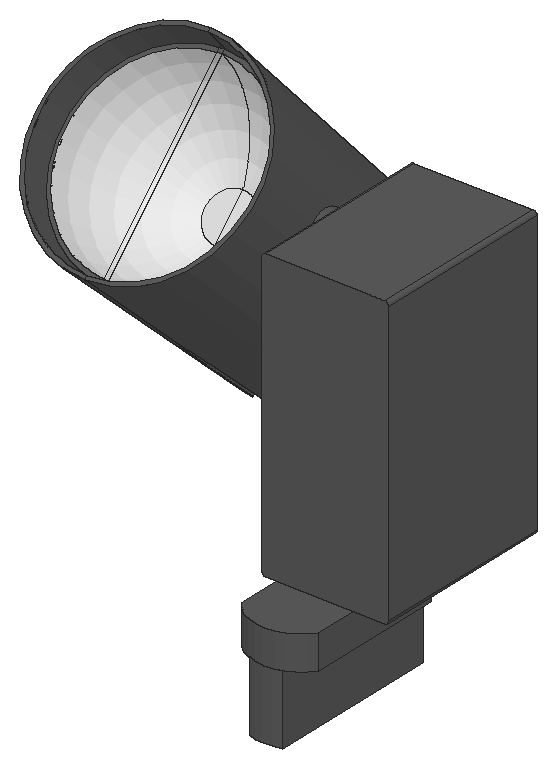
Revit family "0004839 Feilo Sylvania Lighting Fixture START TRACK SPOT S 24W 3K RA80 MB BLACK", category Lighting Fixtures, host Face, Revit 2017 (continued)
Definition of nested family "Start Track Spot Head"
  Types (96, lengths in mm): name | Wattage | built-in parameter 1150134 | Photometric Web File | Model | built-in parameter 1150105 | Lumens | built-in parameter 1150107 | built-in parameter 1150106 | HeadThickness_FEILO | HeadRibOffset_FEILO | HeadRibDepth_FEILO | HeadRibCutWidth_FEILO | HeadRibCutOffset_FEILO | HeadReflectorRadius_FEILO | HeadReflectorOffset_FEILO | HeadLEDRadius_FEILO | HeadHeight_FEILO | HeadDiffusorOffset_FEILO | HeadDiaOut_FEILO | HeadDiaIn_FEILO | HeadAxisFromTop_FEILO | Emit from Circle Diameter | built-in parameter 1150104 | Description | Apparent Load
    0004812 START TRACK SPOT S 14W 3K RA80 MB WHITE | 14 W | (empty or 0) | "0004812.ies" | "START TRACK SPOT S 14W 3K RA80 MB WHITE" | 120.32 (stored number, unit not read) | 1512 lm | 3000 (stored number, unit not read) | 1.2032 (stored number, unit not read) | 1.5 | 4.179 | 55.714 | 7.167 | 50.87 | 50.588 | 55.714 | 9.556 | 117 | 9.435 | 86 | 77.477 | 69.354 | 77.477 | 10.034 (stored number, unit not read) | "Integrated LED spotlight, Textured White - RAL9016, compact and minimalist design, ideal for retail applications, die-cast aluminium body, passive cooling heatsink. Beam angle: 36°, color temperature: 3000K , total system power: 14W, total fixture output: 1508 lm, LOR: 100%, colour rendering: Ra: 80 typical, LED Chromaticity: 3 step MacAdam ellipse, lifetime: >50000 hours at L70B50, energy class: A++, A+, A, IR/UV free light source without heat radiation, operating voltage: 220-240V / 50-60Hz, drive current: 350mA, electronic driver, non-dimmable, power factor: 0.92, electrical protection: Class II, Global Track 3 Phase adapter suitable for Global trac 3-circuit tracks, ingress protection rating: IP20, suitable for internal environment only, horizontal rotation: 355°, vertical tilt: 90°, dimensions: Ø86x140x200, weight: 0.940kg." | 14 VA
    0004811 START TRACK SPOT S 14W 3K RA80 NB WHITE | 14 W | (empty or 0) | "0004811.ies" | "START TRACK SPOT S 14W 3K RA80 NB WHITE" | 123.66 (stored number, unit not read) | 1554 lm | 3000 (stored number, unit not read) | 1.2366 (stored number, unit not read) | 1.5 | 4.179 | 55.714 | 7.167 | 50.87 | 50.588 | 55.714 | 9.556 | 117 | 9.435 | 86 | 77.477 | 69.354 | 77.477 | 10.312 (stored number, unit not read) | "Integrated LED spotlight, Textured White - RAL9016, compact and minimalist design, ideal for retail applications, die-cast aluminium body, passive cooling heatsink. Beam angle: 12°, color temperature: 3000K , total system power: 14W, total fixture output: 1551 lm, LOR: 100%, colour rendering: Ra: 80 typical, LED Chromaticity: 3 step MacAdam ellipse, lifetime: >50000 hours at L70B50, energy class: A++, A+, A, IR/UV free light source without heat radiation, operating voltage: 220-240V / 50-60Hz, drive current: 350mA, electronic driver, non-dimmable, power factor: 0.92, electrical protection: Class II, Global Track 3 Phase adapter suitable for Global trac 3-circuit tracks, ingress protection rating: IP20, suitable for internal environment only, horizontal rotation: 355°, vertical tilt: 90°, dimensions: Ø86x140x200, weight: 0.940kg." | 14 VA
  Reference planes
    plane 1 "Center (Front/Back)": y = 0
    plane 2: z = 0
    plane 3 "Center (Left/Right)": x = 0
    plane 4: x = 43
    plane 5: x = -43
    plane 6: x = -38.739
    plane 7: x = 38.739
    plane 8: z = 69.354
    plane 9: z = -47.646
    plane 10: x = -41.5
    plane 11: x = -37.239
    plane 12: z = -38.211
    plane 13: z = -35.211
    plane 14: z = 8.068
    plane 15: x = -9.556
    plane 16: x = -28.667
    plane 17: x = -19.111
    plane 18: x = -27.167
    plane 19: x = -17.611
    plane 20: x = -8.056
    plane 21: z = 13.64
    plane 22: x = -29.667
    plane 23: x = -26.167
    plane 24: x = -20.111
    plane 25: x = -16.611
    plane 26: x = -10.556
    plane 27: x = -7.056
    plane 28: x = -36.239
    plane 29: x = -40.5
    plane 30: z = 65.175
    plane 31: z = 60.997
    plane 32: z = 56.818
    plane 33: z = 18.484
    plane 34: y = -43
    plane 35: y = 43
    plane 36: y = 3.583
    plane 37: y = -3.583
    plane 38: y = -2.583
    plane 39: y = 2.583
    plane 40: y = 46
    plane 41: z = 13.5
    plane 42: z = -13.5
    plane 43: y = 39
    plane 44: x = 4.708
    plane 45: x = -2.458
    plane 46: x = -1.458
    plane 47: x = 1.458
  Forms (mm)
    Extrusion 1, solid
      sketch origin (4.2, 0, 0) x (1, 0, 0) y (0, 1, 0)
        loop
          line (-1219.2, 1219.2) -> (-1219.2, -1219.2) -> (1219.2, -1219.2) -> (1219.2, 1219.2) -> (-1219.2, 1219.2)
      from 0 to -68.017
    Revolve 2, solid, material <- "Material_1_FEILO", detail levels medium+fine
      sketch origin (0, 0, 0) x (1, 0, 0) y (0, 0, 1)
        loop
          line (-43, -47.646) -> (-41.5, -47.646) -> (-40.5, -35.211) -> (-38.739, -35.211)
          arc (-38.739, -35.211) -> (-30.16, -9.517) -> (-9.556, 8.068) r 50.588
          line (-9.556, 8.068) -> (0, 8.068) -> (0, 13.64) -> (-16.611, 13.64) -> (-17.611, 60.997) -> (-19.111, 60.997) -> (-20.111, 13.64) -> (-36.239, 13.64) -> (-37.239, 69.354) -> (-38.739, 69.354) -> (-43, -47.646)
        axis (0, 69.354) -> (0, -47.646)
      angle from 360 to 0
    Extrusion 3, void
      sketch origin (0, 0, 0) x (0, 1, 0) y (0, 0, 1)
        loop
          line (-3.583, 69.354) -> (-2.583, 18.484) -> (1.932, 18.484) -> (2.932, 69.354) -> (-3.583, 69.354)
      from 43 to -43
    Revolve 4, solid, material <- "Material_2_FEILO", detail levels medium+fine
      sketch origin (0, 0, 0) x (1, 0, 0) y (0, 0, 1)
        loop
          line (-41.5, -38.211) -> (0, -38.211) -> (0, -35.211) -> (-41.5, -35.211) -> (-41.5, -38.211)
        axis (0, -35.211) -> (0, -38.211)
      angle from 360 to 0
    Revolve 5, solid, material <- "Material_1_FEILO"
      sketch origin (0, 0, 0) x (0, 1, 0) y (0, 0, 1)
        loop
          line (46, 0) -> (39, 0) -> (39, -13.5) -> (46, -13.5) -> (46, 0)
        axis (39, 0) -> (46, 0)
      angle from 360 to 0
    Revolve 6, solid, material <- "Material_1_FEILO", detail levels medium+fine
      sketch origin (0, 0, 0) x (1, 0, 0) y (0, 0, 1)
        loop
          line (-29.667, 13.64) -> (-26.167, 13.64) -> (-27.167, 65.175) -> (-28.667, 65.175) -> (-29.667, 13.64)
        loop
          line (-10.556, 13.64) -> (-7.056, 13.64) -> (-7.833, 56.818) -> (-9.778, 56.818) -> (-10.556, 13.64)
        axis (0, 65.175) -> (0, 13.64)
      angle from 360 to 0
    Extrusion 7, void
      sketch origin (0, 0, 0) x (1, 0, 0) y (0, 0, 1)
        loop
          line (4.708, 69.354) -> (-2.458, 69.354) -> (-1.458, 13.64) -> (1.458, 13.64) -> (4.708, 69.354)
      from -43 to 43
    Revolve 8, solid, material <- "Material_1_FEILO", detail levels coarse
      sketch origin (0, 0, 0) x (1, 0, 0) y (0, 0, 1)
        loop
          line (0, 69.354) -> (-38.739, 69.354) -> (-43, -47.646) -> (-41.5, -47.646) -> (-40.731, -38.211) -> (0, -38.211) -> (0, 69.354)
        axis (0, 69.354) -> (0, -47.646)
      angle from 360 to 0
  Cuts and joins
    Extrusion 3 cuts Revolve 2
    Extrusion 7 cuts Revolve 6
  Dimensions and locks
    equal spacing: plane 7, plane 3 "Center (Left/Right)", plane 6
    equal spacing: plane 4, plane 3 "Center (Left/Right)", plane 5
    "HeadDiaOut_FEILO": plane 4 to plane 5
    "HeadDiaIn_FEILO": plane 7 to plane 6
    "HeadHeight_FEILO": plane 8 to plane 9
    "HeadThickness_FEILO": plane 10 to plane 5
    "HeadThickness_FEILO": plane 11 to plane 6
    "HeadDiffusorOffset_FEILO": plane 12 to plane 9
    "HeadDiffusorThickness_FEILO": plane 13 to plane 12
    "HeadReflectorOffset_FEILO": plane 14 to plane 9
    "HeadLEDRadius_FEILO": plane 3 "Center (Left/Right)" to plane 15
    "HeadLEDRadius_FEILO": plane 15 to plane 17
    "HeadLEDRadius_FEILO": plane 17 to plane 16
    "HeadThickness_FEILO": plane 18 to plane 16
    "HeadThickness_FEILO": plane 19 to plane 17
    "HeadThickness_FEILO": plane 20 to plane 15
    "HeadRibDepth_FEILO": plane 8 to plane 21
    "HeadDraft_FEILO": plane 16 to plane 22
    "HeadDraft_FEILO": plane 23 to plane 18
    "HeadDraft_FEILO": plane 17 to plane 24
    "HeadDraft_FEILO": plane 25 to plane 19
    "HeadDraft_FEILO": plane 15 to plane 26
    "HeadDraft_FEILO": plane 27 to plane 20
    "HeadDraft_FEILO": plane 29 to plane 10
    "HeadDraft_FEILO": plane 28 to plane 11
    "HeadRibOffset_FEILO": plane 8 to plane 30
    "HeadRibOffset_FEILO": plane 30 to plane 31
    "HeadRibOffset_FEILO": plane 31 to plane 32
    "HeadAxisFromTop_FEILO": plane 8 to plane 2
    "HeadRibCutOffset_FEILO": plane 8 to plane 33
    equal spacing: plane 34, plane 1 "Center (Front/Back)", plane 35
    "HeadDiaOut_FEILO": plane 34 to plane 35
    equal spacing: plane 38, plane 1 "Center (Front/Back)", plane 39
    equal spacing: plane 37, plane 1 "Center (Front/Back)", plane 36
    "HeadRibCutWidth_FEILO": plane 37 to plane 36
    "HeadDraft_FEILO": plane 37 to plane 38
    locked: plane 35 to plane 40 at 3
    equal spacing: plane 41, plane 2, plane 42
    locked: plane 42 to plane 41 at 27
    locked: plane 43 to plane 35 at 4
    equal spacing: plane 45, imposter light, plane 44
    "HeadDraft_FEILO": plane 46 to plane 45
    "HeadRibCutWidth_FEILO": plane 44 to plane 45
    equal spacing: plane 47, plane 3 "Center (Left/Right)", plane 46
    "HeadReflectorRadius_FEILO": radius of Revolve 2 sketch curve
    aligned and locked: plane 2 to Extrusion 1
    aligned and locked: level to Extrusion 1
    aligned and locked: Revolve 2 sketch curve to plane 3 "Center (Left/Right)"  (x2)
    aligned and locked: plane 9 to Revolve 2 sketch curve  (x2)
    aligned and locked: plane 5 to Revolve 2 sketch curve
    aligned and locked: plane 10 to Revolve 2 sketch curve
    aligned and locked: plane 14 to Revolve 2 sketch curve
    aligned and locked: plane 8 to Revolve 2 sketch curve
    aligned and locked: Revolve 2 sketch curve to plane 13
    aligned and locked: plane 12 to Revolve 4 sketch curve
    aligned and locked: plane 3 "Center (Left/Right)" to Revolve 4 sketch curve
    aligned and locked: Revolve 4 sketch curve to plane 10
    aligned and locked: Revolve 4 sketch curve to plane 3 "Center (Left/Right)"
    aligned and locked: plane 12 to imposter light
    aligned and locked: imposter light to plane 1 "Center (Front/Back)"
    aligned and locked: Revolve 5 sketch curve to plane 2
    aligned and locked: plane 43 to Revolve 5 sketch curve
    aligned and locked: plane 42 to Revolve 5 sketch curve
    aligned and locked: Revolve 6 sketch curve to plane 3 "Center (Left/Right)"
    aligned and locked: plane 22 to Revolve 6 sketch curve
    aligned and locked: plane 30 to Revolve 6 sketch curve
    aligned and locked: plane 23 to Revolve 6 sketch curve
    aligned and locked: Revolve 6 sketch curve to plane 21  (x2)
    aligned and locked: plane 21 to Revolve 6 sketch curve
    aligned and locked: plane 17 to Revolve 2 sketch curve
    aligned and locked: plane 19 to Revolve 2 sketch curve
    aligned and locked: plane 31 to Revolve 2 sketch curve
    aligned and locked: plane 21 to Revolve 2 sketch curve
    aligned and locked: Extrusion 3 to plane 8
    aligned and locked: plane 33 to Extrusion 3
    aligned and locked: plane 8 to Extrusion 3 sketch curve
    aligned and locked: Extrusion 3 sketch curve to plane 33
    aligned and locked: Extrusion 3 to plane 5
    aligned and locked: plane 4 to Extrusion 3
    aligned and locked: plane 32 to Revolve 6 sketch curve
    aligned and locked: plane 44 to Extrusion 7 sketch curve
    aligned and locked: Extrusion 7 sketch curve to plane 8
    aligned and locked: plane 46 to Extrusion 7 sketch curve
    aligned and locked: plane 21 to Extrusion 7 sketch curve
    aligned and locked: plane 34 to Extrusion 7
    aligned and locked: Extrusion 7 to plane 35
    aligned and locked: Revolve 4 sketch curve to plane 13
    aligned and locked: Revolve 5 sketch curve to plane 40
    aligned and locked: Revolve 8 sketch curve to plane 3 "Center (Left/Right)"
    aligned and locked: Revolve 8 sketch curve to cut or joined group of Revolve 2, Extrusion 3  (x3)
    aligned and locked: plane 5 to Revolve 8 sketch curve
    aligned and locked: plane 3 "Center (Left/Right)" to Revolve 8 sketch curve
    aligned and locked: plane 12 to Revolve 8 sketch curve
  Automatic sketch dimensions
    Extrusion 1 sketch curve to Extrusion 1 sketch curve = 2438.4 mm  (x2)
    Extrusion 3 sketch curve to plane 37 = 0 mm
    Extrusion 3 sketch curve to plane 38 = 0 mm
    plane 39 to Extrusion 3 sketch curve = 0.651 mm
    Extrusion 3 sketch curve to plane 39 = 0.349 mm
    Revolve 6 sketch curve to plane 16 = 0 mm
    Revolve 6 sketch curve to plane 18 = 0 mm
    Revolve 6 sketch curve to plane 26 = 0 mm
    Revolve 6 sketch curve to plane 27 = 0 mm
    Revolve 6 sketch curve to plane 15 = 0.222 mm
    plane 9 to Revolve 6 sketch curve = 559.103 mm
    Revolve 6 sketch curve to plane 8 = 2535.555 mm
    plane 20 to Revolve 6 sketch curve = 0.222 mm
    Revolve 2 sketch curve to plane 29 = 0 mm
    Revolve 2 sketch curve to plane 6 = 0 mm  (x2)
    Revolve 2 sketch curve to plane 11 = 0 mm
    Revolve 2 sketch curve to plane 21 = 0 mm
    Revolve 2 sketch curve to plane 28 = 0 mm
    Revolve 2 sketch curve to plane 24 = 0 mm
    Revolve 2 sketch curve to plane 25 = 0 mm
    Revolve 2 sketch curve to plane 15 = 0 mm
    Revolve 2 sketch curve to Revolve 2 sketch curve = 557.155 mm
    Revolve 2 sketch curve to plane 8 = 2535.558 mm
    Extrusion 7 sketch curve to plane 45 = 0 mm
    Extrusion 7 sketch curve to plane 47 = 0 mm
    plane 9 to Revolve 4 sketch curve = 559.103 mm
    Revolve 4 sketch curve to plane 8 = 2535.555 mm
    Revolve 5 sketch curve to level = 0 mm
    plane 34 to Revolve 5 sketch curve = 1968.092 mm
    Revolve 5 sketch curve to plane 40 = 1405.763 mm
    Revolve 8 sketch curve to plane 6 = 0 mm
    Revolve 8 sketch curve to plane 29 = 0.231 mm
    plane 9 to Revolve 8 sketch curve = 559.103 mm
    Revolve 8 sketch curve to Revolve 8 sketch curve = 2535.555 mm
Definition of nested family "Start Track Spot Box"
  Parameters (values of type "Type Large White")
    URL = "http://www.feilosylvania.com"
    Type Image = (empty or 0)
    Type Comments = "n/a"
    Small_FEILO = no
    Material_3_FEILO = none
    Model = ""
    Manufacturer = "Feilo Sylvania"
    Keynote = ""
    Material_2_FEILO = none
    Description = ""
    Default Elevation = 1219.2 mm
    Cost = 0
    Material_1_FEILO = none
    BoxWidth_FEILO = 49 mm
    BoxStartAngle_FEILO [instance] = 0.00°
    BoxRadius_FEILO = 1.5 mm
    BoxHeight_FEILO = if(Small_FEILO, 112 mm, 136 mm)  # 136 mm
    BoxEndAngle_FEILO [instance] = BoxStartAngle_FEILO - 180.00°  # -180.00°
    BoxDepth_FEILO = if(Small_FEILO, 71.5 mm, 79 mm)  # 79 mm
    BoxAxisVerticalOffset_FEILO = 16 mm
    BoxAxisOffset_FEILO = BoxHeight_FEILO / 6.8  # 20 mm
    Assembly Code = ""
    Material_4_FEILO = none
  Types (4, lengths in mm): name | Small_FEILO | BoxHeight_FEILO | BoxDepth_FEILO | BoxAxisOffset_FEILO
    Type Large White | no | 136 | 79 | 20
    Type Small White | yes | 112 | 71.5 | 16.471
    Type Small Black | yes | 112 | 71.5 | 16.471
    Type Large Black | no | 136 | 79 | 20
  Reference planes
    plane 1 "Center (Front/Back)": y = 0
    plane 2: z = 0
    plane 3 "Center (Left/Right)": x = 0
    plane 4: x = 24.5
    plane 5: x = -24.5
    plane 6: y = 68
    plane 7: y = -68
    plane 8: z = 39.5
    plane 9: z = -39.5
    plane 10: y = -48
    plane 11: x = 30.5
    plane 12: x = 8.5
    plane 13: x = 21.5
    plane 14: y = 70
    plane 15: y = 72
    plane 16: x = 19.5
  Forms (mm)
    Extrusion 1, solid
      sketch origin (4.2, 0, 0) x (1, 0, 0) y (0, 1, 0)
        loop
          line (-1219.2, 1219.2) -> (-1219.2, -1219.2) -> (1219.2, -1219.2) -> (1219.2, 1219.2) -> (-1219.2, 1219.2)
      from 0 to -68.017
    Extrusion 2, solid, material <- "Material_1_FEILO"
      sketch origin (0, 0, 0) x (1, 0, 0) y (0, 1, 0)
        loop
          arc (-23, 68) -> (-24.061, 67.561) -> (-24.5, 66.5) r 1.5
          line (-24.5, 66.5) -> (-24.5, -66.5)
          arc (-24.5, -66.5) -> (-24.061, -67.561) -> (-23, -68) r 1.5
          line (-23, -68) -> (23, -68)
          arc (23, -68) -> (24.061, -67.561) -> (24.5, -66.5) r 1.5
          line (24.5, -66.5) -> (24.5, 66.5)
          arc (24.5, 66.5) -> (24.061, 67.561) -> (23, 68) r 1.5
          line (23, 68) -> (-23, 68)
      from -39.5 to 39.5
    Revolve 3, solid, not visible
      sketch origin (0, 0, 0) x (1, 0, 0) y (0, 1, 0)
        loop
          line (30.5, -48) -> (24.5, -48) -> (24.5, -68) -> (30.5, -68) -> (30.5, -48)
        axis (30.5, -48) -> (24.5, -48)
      angle from 0 <- "BoxStartAngle_FEILO" to -180 <- "BoxEndAngle_FEILO"
    Revolve 4, solid, material <- "Material_2_FEILO"
      sketch origin (0, 0, 0) x (1, 0, 0) y (0, 1, 0)
        loop
          line (8.5, 68) -> (19.5, 68) -> (19.5, 70) -> (21.5, 70) -> (21.5, 72) -> (8.5, 72) -> (8.5, 68)
        axis (8.5, 72) -> (8.5, 68)
      angle from 360 to 0
  Dimensions and locks
    equal spacing: plane 5, plane 3 "Center (Left/Right)", plane 4
    "BoxWidth_FEILO": plane 5 to plane 4
    equal spacing: plane 7, plane 1 "Center (Front/Back)", plane 6
    "BoxHeight_FEILO": plane 7 to plane 6
    equal spacing: plane 8, plane 2, plane 9
    "BoxDepth_FEILO": plane 8 to plane 9
    "BoxAxisOffset_FEILO": plane 7 to plane 10
    locked: plane 4 to plane 11 at 6
    "BoxAxisVerticalOffset_FEILO": plane 12 to plane 4
    locked: plane 12 to plane 13 at 13
    plane 6 to plane 14 to plane 15 = 2 mm locked, 2 mm locked
    locked: plane 12 to plane 16 at 11
    "BoxRadius_FEILO": radius of Extrusion 2 sketch curve  (x4)
    aligned and locked: plane 2 to Extrusion 1
    aligned and locked: level to Extrusion 1
    aligned and locked: plane 6 to Extrusion 2 sketch curve
    aligned and locked: plane 5 to Extrusion 2 sketch curve
    aligned and locked: Extrusion 2 sketch curve to plane 7
    aligned and locked: Extrusion 2 sketch curve to plane 4
    aligned and locked: Extrusion 2 to plane 8
    aligned and locked: plane 9 to Extrusion 2
    aligned and locked: Revolve 3 sketch curve to plane 10  (x2)
    aligned and locked: plane 11 to Revolve 3 sketch curve
    aligned and locked: Revolve 3 sketch curve to plane 4
    aligned and locked: plane 7 to Revolve 3 sketch curve
    aligned and locked: Revolve 4 sketch curve to plane 12
    aligned and locked: plane 6 to Revolve 4 sketch curve
    aligned and locked: plane 12 to Revolve 4 sketch curve
    aligned and locked: plane 15 to Revolve 4 sketch curve
    aligned and locked: Revolve 4 sketch curve to plane 13
    aligned and locked: Revolve 4 sketch curve to plane 14
    aligned and locked: Revolve 4 sketch curve to plane 16
    aligned and locked: Revolve 4 sketch curve to plane 6
  Automatic sketch dimensions
    Extrusion 1 sketch curve to Extrusion 1 sketch curve = 2438.4 mm  (x2)
    Revolve 3 sketch curve to plane 5 = 1499.5 mm
    plane 11 to Revolve 3 sketch curve = 1493.5 mm
    plane 15 to Revolve 4 sketch curve = 0 mm
    plane 7 to Revolve 4 sketch curve = 1456 mm
    Revolve 4 sketch curve to plane 15 = 1452 mm
